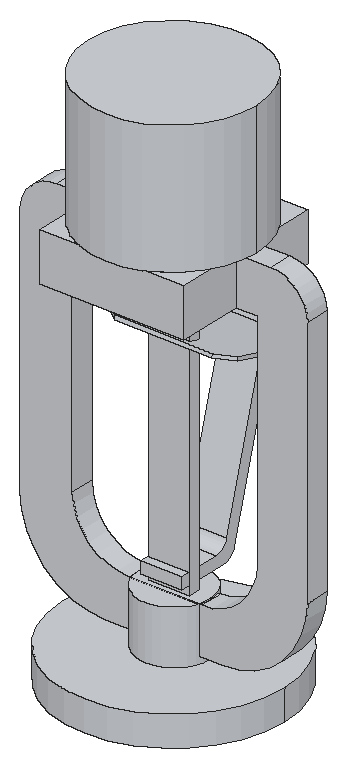
Revit family
Parameters (values of type "RASCO GFR PENDENT")
  Temperature Rating = 212 °F
  Response = 1
  RASCO SIN # = "R3115"
  RASCO Part # = "GFRP2C"
  Pressure Rating = "175 PSI"
  Pressure Class = (empty or 0)
  Orifice Size = 1/2"
  Orifice = (empty or 0)
  Model = "GFR"
  Manufacturer = "RASCO"
  K-Factor = 8
  Description = "Chrome Finish"
  Coverage = (empty or 0)
Reference planes (in)
  plane 1 "Center (Front/Back)": y = 0
  plane 2: z = 0
  plane 3 "Center (Left/Right)": x = 0
Dimensions and locks (in)
  aligned and locked: plane 2 to level
Nested families (in)
  nested 1: "GFRP2C" at (-0.0055, 0, 2.875) x (-1, 0, 0) z (0, 0, -1), type "RASCO GFR PENDENT"
Connectors (in)
  piping at (-0.0055, 0, 2.875)
    settings: on nested 1, index 1, connector radius 0.45", flow factor 0, pipe flow 0 GPM, pressure drop 0.00 psi, fitting loss kfactor 0, connector angle 0.00°, fixture units 0, flow configuration 0, flow direction 0, fitting loss method 0, system type 7, connector reference index -1, connector utility 0, adjustable connector no, is connector primary yes, fitting loss table "", connector description ""
Definition of nested family "GFRP2C"
  Parameters (values of type "RASCO GFR PENDENT")
    Type Comments = ""
    Temperature Rating = 0 °F
    Response = (empty or 0)
    Pressure Rating = "0"
    Pressure Class = (empty or 0)
    Orifice Size = 0"
    Orifice = (empty or 0)
    Model = ""
    Manufacturer = ""
    K-Factor = 0
    Description = ""
    Coverage = (empty or 0)
    Assembly Code = ""
  Reference planes (in)
    plane 1 "Center (Front/Back)": y = 0
    plane 2: z = 0
    plane 3 "ref.2": z = 0.6875
    plane 4 "ref.3": z = 0.9375
    plane 5: x = -0.38065
    plane 6: x = 0.36935
    plane 7 "ref. side 1": y = 0.06402
    plane 8 "ref. side 2": y = -0.06098
    plane 9 "ref.4": z = 1.875
    plane 10 "ref.5": z = 2.875
    plane 11 "center": x = -0.00574
    plane 12 "clip": through (0, 0.52703, 1.36085) normal (0, 0.2756, -0.9613)
    plane 13 "head": z = 2.83335
  Forms (in)
    Extrusion 1, solid
      sketch origin (0, 0, 0) x (1, 0, 0) y (0, 1, 0)
        loop
          circle (0, 0) r 0.438
      from 0 to 0.6875
    Extrusion 2, solid
      sketch origin (-0.12185, 0.05177, 0.6875) x (1, 0, 0) y (0, 1, 0)
        loop
          line (-0.2588, 0.356) -> (-0.2588, -0.4565) -> (0.4912, -0.4565) -> (0.4912, 0.356) -> (-0.2588, 0.356)
      from 0 to 0.25
    Extrusion 3, solid
      sketch origin (0, 0, 0) x (1, 0, 0) y (0, 0, 1)
        loop
          line (-0.49248, 0.9375) -> (-0.49248, 2.10276)
          arc (-0.49248, 2.10276) -> (-0.40724, 2.30855) -> (-0.20145, 2.39379) r 0.29103
          line (-0.20145, 2.39379) -> (0.18108, 2.39379)
          arc (0.18108, 2.39379) -> (0.38905, 2.30765) -> (0.47519, 2.09969) r 0.29411
          line (0.47519, 2.09969) -> (0.47519, 0.9375) -> (0.36935, 0.9375) -> (0.36935, 0.6875) -> (0.55741, 0.6875)
          arc (0.55741, 0.6875) -> (0.69165, 0.7431) -> (0.74725, 0.87734) r 0.18984
          line (0.74725, 0.87734) -> (0.74725, 2.19113)
          arc (0.74725, 2.19113) -> (0.61669, 2.50631) -> (0.3015, 2.63687) r 0.44574
          line (0.3015, 2.63687) -> (-0.30719, 2.63687)
          arc (-0.30719, 2.63687) -> (-0.62225, 2.50637) -> (-0.75275, 2.19131) r 0.44556
          line (-0.75275, 2.19131) -> (-0.75275, 0.87876)
          arc (-0.75275, 0.87876) -> (-0.69673, 0.74352) -> (-0.56149, 0.6875) r 0.19126
          line (-0.56149, 0.6875) -> (-0.38065, 0.6875) -> (-0.38065, 0.9375) -> (-0.49248, 0.9375)
      from -0.06402 to 0.06098
    Extrusion 4, solid
      sketch origin (-0.00199, 0, 2.4375) x (-1, 0, 0) y (0, -1, 0)
        loop
          circle (0.00574, -0.00152) r 0.1875
      from -0.04371 to 0.4375
    Extrusion 5, solid
      sketch origin (0, 0, 0.9375) x (-1, 0, 0) y (0, -1, 0)
        loop
          line (-0.10175, -0.02852) -> (0.11324, -0.02852) -> (0.11324, 0.03101) -> (-0.10175, 0.03101) -> (-0.10175, -0.02852)
      from 0 to 1.45629
    Extrusion 6, solid
      sketch origin (-0.00574, 0, 0) x (0, 0, -1) y (0, -1, 0)
        loop
          line (-2.34418, 0.08154) -> (-2.34418, -0.18975)
          arc (-2.34418, -0.18975) -> (-2.3294, -0.23392) -> (-2.29102, -0.2603) r 0.07339
          line (-2.29102, -0.2603) -> (-1.29471, -0.54599) -> (-1.27823, -0.48852) -> (-2.23088, -0.21535)
          arc (-2.23088, -0.21535) -> (-2.26901, -0.18915) -> (-2.28369, -0.14527) r 0.07291
          line (-2.28369, -0.14527) -> (-2.28369, 0.08154) -> (-2.34418, 0.08154)
      from -0.1075 to 0.1075
    Extrusion 7, solid
      sketch origin (0, -0.32053, 1.11781) x (0, 0.961262, 0.275637) y (1, 0, 0)
        loop
          line (0.84059, -0.34079) -> (0.916, -0.26539) -> (0.916, 0.24563) -> (0.84145, 0.32018) -> (0.33718, 0.32018) -> (0.26218, 0.24518) -> (0.26218, -0.26617) -> (0.3368, -0.34079) -> (0.84059, -0.34079)
      from -0.01906 to 0
    Extrusion 8, solid
      sketch origin (0, 0, 2.83335) x (-1, 0, 0) y (0, -1, 0)
        loop
          circle (0.00574, 0) r 0.57975
      from 0 to -0.159
  Cuts and joins
    joined: Extrusion 1, Extrusion 2
